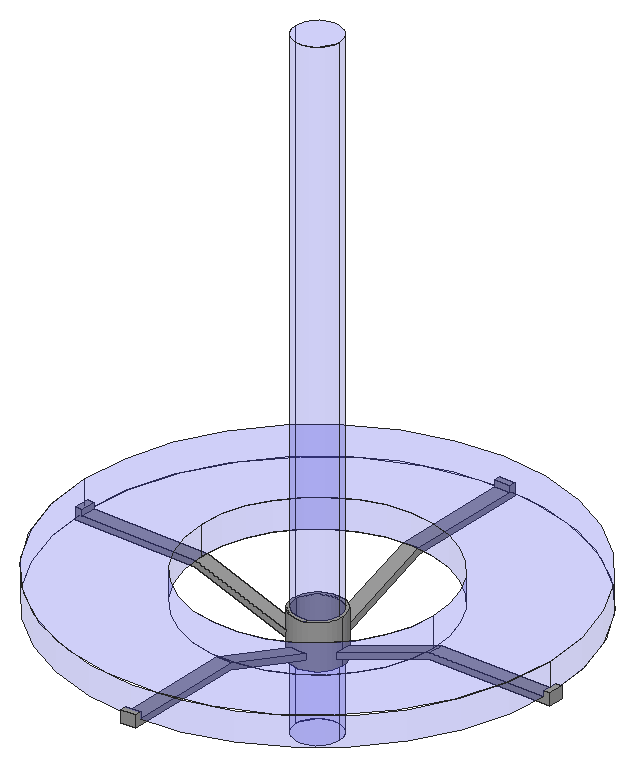
Revit family "pilastro e seduta", category Pilastri strutturali, Revit 2012
Parameters (values of type "pilastro r7,5")
  materiale = cls pilastro
  P_h = 215 cm
  P_R = 7.5 cm
  1Volume = 3.14 * (P_R ^ 2) * P_h  # 0.0379744 m³
Types (4, lengths in cm): name | P_h | P_R | 1Volume
  (no name) | 215 | 7.5 | 0.0379744 m³
  pilastro r10 | 164.7351 | 10 | 0.0517268 m³
  pilastro r7,5 | 215 | 7.5 | 0.0379744 m³
  pilastro r5 | 164.7351 | 5 | 0.0129317 m³
Reference planes (cm)
  plane 1 "Centro (Fronte/Retro)": y = 0
  plane 2: z = 0
  plane 3 "Centro (Sinistra/Destra)": x = 0
  plane 4: z = 215
Forms (cm)
  Extrusion 1, solid, material "cls pilastro" <- "materiale"
    sketch origin (0, 0, 0) x (1, 0, 0) y (0, 1, 0)
      loop
        circle (0, 0) r 7.5
    from 0 to 215 <- "P_h"
Dimensions and locks (cm)
  "P_h": plane 4 to plane 2
  "P_R": radius of Extrusion 1 sketch curve
  aligned and locked: level to plane 2
  aligned and locked: plane 4 to Extrusion 1
  aligned and locked: nested 2 to nested 1
Automatic sketch dimensions
  plane 1 "Centro (Fronte/Retro)" to Extrusion 1 sketch curve = 0 cm
  Extrusion 1 sketch curve to plane 3 "Centro (Sinistra/Destra)" = 0 cm
Nested families (cm)
  nested 1: "seduta2" at (0, 0, 40), type "seduta2"
  nested 2: "sostegno seduta2" at (0, 0, 23.5), type "sostegno r8.5"
Definition of nested family "seduta2"
  Parameters (values of type "seduta2")
    materiale seduta = seduta
  Reference planes (cm)
    plane 1 "Centro (Fronte/Retro)": y = 0
    plane 2: z = 0
    plane 3 "Centro (Sinistra/Destra)": x = 0
  Forms (cm)
    Extrusion 1, solid, material "seduta" <- "materiale seduta"
      sketch origin (0, 0, 0) x (1, 0, 0) y (0, 1, 0)
        loop
          circle (0, 0) r 80
      from 0 to 10
    Extrusion 2, void
      sketch origin (0, 0, 0) x (1, 0, 0) y (0, 1, 0)
        loop
          circle (0, 0) r 40
      from 0 to 68.3157
  Cuts and joins
    Extrusion 2 cuts Extrusion 1
  Dimensions and locks (cm)
    aligned and locked: level to plane 2
Definition of nested family "sostegno seduta2"
  Parameters (values of type "sostegno r8.5")
    s_r = s_R - 1 cm  # 7.5 cm
    s_R = 8.5 cm
    materiale sostegno = acciaio
  Types (4, lengths in cm): name | s_r | s_R | materiale sostegno
    (no name) | 7.5 | 8.5 | acciaio
    sostegno r8.5 | 7.5 | 8.5 | acciaio
    sostegno r6 | 5 | 6 | none
    sostegno r11 | 10 | 11 | none
  Reference planes (cm)
    plane 1 "Centro (Fronte/Retro)": y = 0
    plane 2: z = 0
    plane 3 "Centro (Sinistra/Destra)": x = 0
  Forms (cm)
    Extrusion 1, solid, material "acciaio" <- "materiale sostegno"
      sketch origin (0, 0, 0) x (1, 0, 0) y (0, 1, 0)
        loop
          circle (0, 0) r 8.5
      from 0 to 15
    Extrusion 2, void
      sketch origin (0, 0, 0) x (1, 0, 0) y (0, 1, 0)
        loop
          circle (0, 0) r 7.5
      from 0 to 15
    Sweep 3, solid, material "acciaio" <- "materiale sostegno"
      path origin (0, 0, 5.5) x (1, 0, 0) y (0, 0, 1)
        loop
          line (-80, 13) -> (-80, 10) -> (-40, 10) -> (0, -3.7931)
      profile origin (-20, 0, 8.6034) x (0.325991, 0, 0.945373) y (0, -1, 0)
        loop
          line (1, 0) -> (1, 2.5) -> (-1, 2.5) -> (-1, -2.5) -> (1, -2.5) -> (1, 0)
    Sweep 4, solid, material "acciaio" <- "materiale sostegno"
      path origin (0.652, 0, 5.5) x (-1, 0, 0) y (0, 0, 1)
        loop
          line (-80, 13) -> (-80, 10) -> (-40, 10) -> (0, -3.7931)
      profile origin (20.652, 0, 8.6034) x (-0.325991, 0, 0.945373) y (0, 1, 0)
        loop
          line (1, 0) -> (1, 2.5) -> (-1, 2.5) -> (-1, -2.5) -> (1, -2.5) -> (1, 0)
    Sweep 5, solid, material "acciaio" <- "materiale sostegno"
      path origin (0, -0.326, 5.5) x (0, 1, 0) y (0, 0, 1)
        loop
          line (-80, 13) -> (-80, 10) -> (-40, 10) -> (0, -3.7931)
      profile origin (0, -20.326, 8.6034) x (0, 0.325991, 0.945373) y (1, 0, 0)
        loop
          line (1, 0) -> (1, 2.5) -> (-1, 2.5) -> (-1, -2.5) -> (1, -2.5) -> (1, 0)
    Sweep 6, solid, material "acciaio" <- "materiale sostegno"
      path origin (0, 0.326, 5.5) x (0, -1, 0) y (0, 0, 1)
        loop
          line (-80, 13) -> (-80, 10) -> (-40, 10) -> (0, -3.7931)
      profile origin (0, 20.326, 8.6034) x (0, -0.325991, 0.945373) y (-1, 0, 0)
        loop
          line (1, 0) -> (1, 2.5) -> (-1, 2.5) -> (-1, -2.5) -> (1, -2.5) -> (1, 0)
  Cuts and joins
    Extrusion 2 cuts Extrusion 1
    Extrusion 2 cuts Sweep 3
    Extrusion 2 cuts Sweep 4
    Extrusion 2 cuts Sweep 6
    Extrusion 2 cuts Sweep 5
  Dimensions and locks (cm)
    "s_R": radius of Extrusion 1 sketch curve
    "s_r": radius of Extrusion 2 sketch curve
    aligned and locked: level to plane 2
    aligned and locked: Extrusion 1 to Extrusion 2
  Automatic sketch dimensions
    plane 1 "Centro (Fronte/Retro)" to Extrusion 1 sketch curve = 0 cm
    Extrusion 1 sketch curve to plane 3 "Centro (Sinistra/Destra)" = 0 cm
    plane 1 "Centro (Fronte/Retro)" to Extrusion 2 sketch curve = 0 cm
    Extrusion 2 sketch curve to plane 3 "Centro (Sinistra/Destra)" = 0 cm
    Sweep 3 sketch curve to plane 3 "Centro (Sinistra/Destra)" = 0 cm
    level to Sweep 3 sketch curve = 15.5 cm
    Sweep 3 sketch curve to plane 3 "Centro (Sinistra/Destra)" = 40 cm
    Sweep 3 sketch curve to Sweep 3 sketch curve = 40 cm
    level to Sweep 3 sketch curve = 1.7069 cm
    Sweep 3 sketch curve to Sweep 3 sketch curve = 3 cm
    Sweep 3 sketch curve to plane 1 "Centro (Fronte/Retro)" = 0 cm
    profile plane to Sweep 3 sketch curve = 1 cm
    Sweep 3 sketch curve to profile plane = 1 cm
    Sweep 3 sketch curve to plane 1 "Centro (Fronte/Retro)" = 2.5 cm
    plane 1 "Centro (Fronte/Retro)" to Sweep 3 sketch curve = 2.5 cm
    level to Sweep 4 sketch curve = 18.5 cm
    plane 3 "Centro (Sinistra/Destra)" to Sweep 4 sketch curve = 80.652 cm
    level to Sweep 4 sketch curve = 15.5 cm
    Sweep 4 sketch curve to Sweep 4 sketch curve = 40 cm
    plane 3 "Centro (Sinistra/Destra)" to Sweep 4 sketch curve = 0.652 cm
    level to Sweep 4 sketch curve = 1.7069 cm
    profile plane to Sweep 4 sketch curve = 0 cm
    profile plane to Sweep 4 sketch curve = 1 cm
    Sweep 4 sketch curve to profile plane = 1 cm
    Sweep 4 sketch curve to profile plane = 2.5 cm
    profile plane to Sweep 4 sketch curve = 2.5 cm
    level to Sweep 5 sketch curve = 18.5 cm
    plane 1 "Centro (Fronte/Retro)" to Sweep 5 sketch curve = 80.326 cm
    level to Sweep 5 sketch curve = 15.5 cm
    Sweep 5 sketch curve to Sweep 5 sketch curve = 40 cm
    plane 1 "Centro (Fronte/Retro)" to Sweep 5 sketch curve = 0.326 cm
    level to Sweep 5 sketch curve = 1.7069 cm
    Sweep 5 sketch curve to profile plane = 0 cm
    profile plane to Sweep 5 sketch curve = 1 cm
    Sweep 5 sketch curve to profile plane = 1 cm
    Sweep 5 sketch curve to profile plane = 2.5 cm
    profile plane to Sweep 5 sketch curve = 2.5 cm
    Sweep 6 sketch curve to plane 1 "Centro (Fronte/Retro)" = 80.326 cm
    level to Sweep 6 sketch curve = 15.5 cm
    Sweep 6 sketch curve to Sweep 6 sketch curve = 40 cm  (x2)
    level to Sweep 6 sketch curve = 1.7069 cm
    Sweep 6 sketch curve to Sweep 6 sketch curve = 3 cm
    Sweep 6 sketch curve to profile plane = 0 cm
    profile plane to Sweep 6 sketch curve = 1 cm
    Sweep 6 sketch curve to profile plane = 1 cm
    Sweep 6 sketch curve to profile plane = 2.5 cm
    Sweep 6 sketch curve to Sweep 6 sketch curve = 2.5 cm
